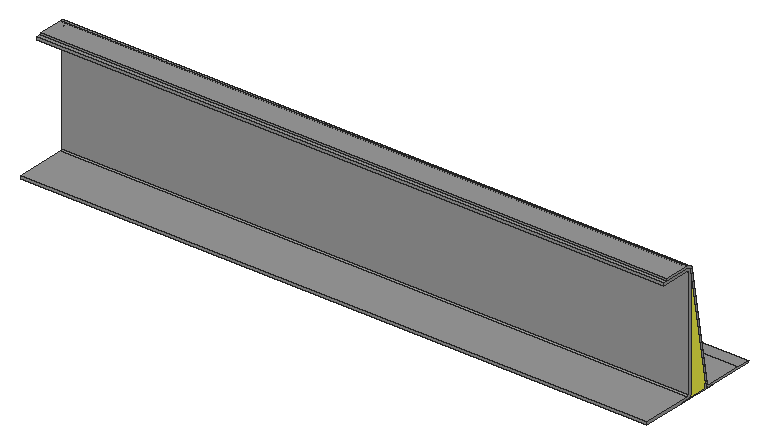
Revit family "XCFS K 50", category Generic Models, Revit 2014
Parameters (values of type "Max lintel length 4800mm")
  URL = "http://www.keystonelintels.co.uk"
  Structural Opening [instance] = 900 mm
  Structural Performance = "The Keystone lintel range has safe working loads as detailed in each applicable loading table in the Keystone Lintel Guide brochure. The structural performance figures within each table have been ascertained by testing in accordance with the requirements of standards BS EN 5977-2: 1983 and BS EN 845-2: 2003."
  RIBA Productor Selector = "available for Keystone Lintels Ltd from Keystone Lintels Ltd from ribaproductselector.com"
  Model = "XCFS/K 50"
  Min Length = 600 mm
  Min Clear Span = 300 mm
  Max Length = 4800 mm
  Max Clear Span = 4800 mm
  Material - Stainless Steel = "Grade 304 2b 1.4307 to BS EN 10088-2. Other grades available on request: contact manufacturer."
  Material - Galvanised Steel = "To BS EN 10346: 2009. DX51D plus Z600 or grade Z275 to BS 5977-2: 1983 (BS EN 845-2: 2003)."
  Manufacturer = "Keystone"
  Manufactured Length [instance] = (roundup(Effective Length / 150 mm) * 150 mm)  # 1200 mm
  Lintel height [instance] = 2100 mm
  Keynote = "F30/755"
  Fire Performance = "Keystone lintels have been subjected to a fire test (WARRES No. 101263) in accordance with BS 476-20: 1987, at Exova Warrington Fire and achieved a one hour fire performance."
  End Bearing = 150 mm
  Effective Length [instance] = Clear Opening with MIN MAX set + End Bearing * 2  # 1200 mm
  Corrosion = "Keystone’s standard range of lintels are manufactured from high quality grade pre-galvanized carbon steel with a zinc coating of 600"
  Contact Tel = "+44 (0)28 8676 2184"
  Contact Email = "info@keystonelintels.co.uk"
  Clear Opening with MIN MAX set [instance] = if(Structural Opening < Min Clear Span, Min Clear Span, (if(Structural Opening > Max Clear Span, Max Clear Span, Structural Opening)))  # 900 mm
  CPD Information = "Available for Keystone Lintels Ltd from ribacpd.com"
Reference planes
  plane 1 "Center (Front/Back)": y = 0
  plane 2: z = 0
  plane 3 "Center (Left/Right)": x = 0
  plane 4: x = -600
  plane 5: x = 600
  plane 6: z = 2100
  plane 7: x = -450
  plane 8: x = 450
Forms (mm)
  Extrusion 1, solid, material "Steel"
    sketch origin (0, 715.437, -496.241) x (0, 1, 0) y (0, 0, 1)
      loop
        line (-620.524, 2596.241) -> (-595.58, 2595.368) -> (-595.468, 2598.566) -> (-620.468, 2599.441) -> (-689.32, 2599.441)
        arc (-689.32, 2599.441) -> (-692.688, 2600.68) -> (-694.452, 2603.805) r 5.2
        line (-694.452, 2603.805) -> (-730.013, 2815.976)
        arc (-730.013, 2815.976) -> (-733.789, 2822.614) -> (-740.96, 2825.241) r 11.1
        line (-740.96, 2825.241) -> (-790.504, 2825.241) -> (-790.504, 2822.041) -> (-740.96, 2822.041)
        arc (-740.96, 2822.041) -> (-735.857, 2820.171) -> (-733.169, 2815.447) r 7.9
        line (-733.169, 2815.447) -> (-697.706, 2603.876)
        arc (-697.706, 2603.876) -> (-695.302, 2598.462) -> (-689.81, 2596.241) r 7.9
        line (-689.81, 2596.241) -> (-620.524, 2596.241)
    from -600 to 600
  Extrusion 2, solid, material "Steel"
    sketch origin (0, 715.437, -496.241) x (0, 1, 0) y (0, 0, 1)
      loop
        line (-838.504, 2596.241) -> (-741.404, 2596.241)
        arc (-741.404, 2596.241) -> (-735.818, 2598.555) -> (-733.504, 2604.141) r 7.9
        line (-733.504, 2604.141) -> (-733.504, 2814.141)
        arc (-733.504, 2814.141) -> (-735.818, 2819.727) -> (-741.404, 2822.041) r 7.9
        line (-741.404, 2822.041) -> (-798.504, 2822.041) -> (-798.504, 2817.041) -> (-741.404, 2817.041)
        arc (-741.404, 2817.041) -> (-739.353, 2816.192) -> (-738.504, 2814.141) r 2.9
        line (-738.504, 2814.141) -> (-738.504, 2604.141)
        arc (-738.504, 2604.141) -> (-739.353, 2602.09) -> (-741.404, 2601.241) r 2.9
        line (-741.404, 2601.241) -> (-838.504, 2601.241) -> (-838.504, 2596.241)
    from -600 to 600
  Extrusion 3, solid, material "Steel"
    sketch origin (0, 715.437, -496.241) x (0, 1, 0) y (0, 0, 1)
      loop
        line (-756.104, 2595.241) -> (-681.104, 2595.241) -> (-681.104, 2596.241) -> (-698.104, 2596.241) -> (-698.104, 2604.241) -> (-699.104, 2604.241) -> (-699.104, 2596.241) -> (-756.104, 2596.241) -> (-756.104, 2595.241)
    from -600 to 600
  Extrusion 4, solid, material "Insulation"
    sketch origin (0, 715.437, -496.241) x (0, 1, 0) y (0, 0, 1)
      loop
        arc (-689.81, 2596.241) -> (-695.302, 2598.462) -> (-697.706, 2603.876) r 7.9
        line (-697.706, 2603.876) -> (-733.169, 2815.447)
        arc (-733.169, 2815.447) -> (-735.942, 2820.242) -> (-741.182, 2822.038) r 7.9
        arc (-741.182, 2822.038) -> (-735.74, 2819.648) -> (-733.504, 2814.141) r 7.9
        line (-733.504, 2814.141) -> (-733.504, 2604.141)
        arc (-733.504, 2604.141) -> (-735.818, 2598.555) -> (-741.404, 2596.241) r 7.9
        line (-741.404, 2596.241) -> (-699.104, 2596.241) -> (-699.104, 2604.241) -> (-698.104, 2604.241) -> (-698.104, 2596.241) -> (-689.81, 2596.241)
    from -600 to 600
  Extrusion 5, solid, not visible
    sketch origin (0, 926.491, 1179.411) x (0, 1, 0) y (0, 0, 1)
      loop
        line (-620.524, 996.241) -> (-595.58, 995.368) -> (-595.468, 998.566) -> (-620.468, 999.441) -> (-689.32, 999.441)
        arc (-689.32, 999.441) -> (-692.688, 1000.68) -> (-694.452, 1003.805) r 5.2
        line (-694.452, 1003.805) -> (-730.013, 1215.976)
        arc (-730.013, 1215.976) -> (-733.789, 1222.614) -> (-740.96, 1225.241) r 11.1
        line (-740.96, 1225.241) -> (-790.504, 1225.241) -> (-790.504, 1222.041) -> (-740.96, 1222.041)
        arc (-740.96, 1222.041) -> (-735.857, 1220.171) -> (-733.169, 1215.447) r 7.9
        line (-733.169, 1215.447) -> (-697.706, 1003.876)
        arc (-697.706, 1003.876) -> (-695.302, 998.462) -> (-689.81, 996.241) r 7.9
        line (-689.81, 996.241) -> (-620.524, 996.241)
    from 0 to 250
  Extrusion 6, solid, not visible
    sketch origin (0, 527.304, 1235.528) x (0, 1, 0) y (0, 0, 1)
      loop
        line (-838.504, 996.241) -> (-741.404, 996.241)
        arc (-741.404, 996.241) -> (-735.818, 998.555) -> (-733.504, 1004.141) r 7.9
        line (-733.504, 1004.141) -> (-733.504, 1214.141)
        arc (-733.504, 1214.141) -> (-735.818, 1219.727) -> (-741.404, 1222.041) r 7.9
        line (-741.404, 1222.041) -> (-798.504, 1222.041) -> (-798.504, 1217.041) -> (-741.404, 1217.041)
        arc (-741.404, 1217.041) -> (-739.353, 1216.192) -> (-738.504, 1214.141) r 2.9
        line (-738.504, 1214.141) -> (-738.504, 1004.141)
        arc (-738.504, 1004.141) -> (-739.353, 1002.09) -> (-741.404, 1001.241) r 2.9
        line (-741.404, 1001.241) -> (-838.504, 1001.241) -> (-838.504, 996.241)
    from 0 to 250
  Extrusion 7, solid, not visible
    sketch origin (0, 841.858, 1026.028) x (0, 1, 0) y (0, 0, 1)
      loop
        line (-756.104, 995.241) -> (-681.104, 995.241) -> (-681.104, 996.241) -> (-698.104, 996.241) -> (-698.104, 1004.241) -> (-699.104, 1004.241) -> (-699.104, 996.241) -> (-756.104, 996.241) -> (-756.104, 995.241)
    from 0 to 250
  Extrusion 8, solid, not visible
    sketch origin (0, 554.925, 803.543) x (0, 1, 0) y (0, 0, 1)
      loop
        arc (-689.81, 996.241) -> (-695.302, 998.462) -> (-697.706, 1003.876) r 7.9
        line (-697.706, 1003.876) -> (-733.169, 1215.447)
        arc (-733.169, 1215.447) -> (-735.942, 1220.242) -> (-741.182, 1222.038) r 7.9
        arc (-741.182, 1222.038) -> (-735.74, 1219.648) -> (-733.504, 1214.141) r 7.9
        line (-733.504, 1214.141) -> (-733.504, 1004.141)
        arc (-733.504, 1004.141) -> (-735.818, 998.555) -> (-741.404, 996.241) r 7.9
        line (-741.404, 996.241) -> (-699.104, 996.241) -> (-699.104, 1004.241) -> (-698.104, 1004.241) -> (-698.104, 996.241) -> (-689.81, 996.241)
    from 0 to 250
Dimensions and locks
  equal spacing: plane 4, plane 3 "Center (Left/Right)", plane 5
  "Manufactured Length": plane 4 to plane 5
  "Lintel height": plane 6 to level
  "Structural Opening": plane 7 to plane 8
  equal spacing: plane 7, plane 3 "Center (Left/Right)", plane 8
  aligned and locked: level to plane 2
  aligned and locked: Extrusion 1 to plane 6
  aligned and locked: Extrusion 4 to plane 6
  aligned and locked: plane 6 to Extrusion 3
  aligned and locked: Extrusion 2 to plane 6
  aligned and locked: plane 5 to Extrusion 2
  aligned and locked: Extrusion 2 to plane 4
  aligned and locked: plane 5 to Extrusion 1
  aligned and locked: Extrusion 1 to plane 4
  aligned and locked: plane 5 to Extrusion 4
  aligned and locked: Extrusion 4 to plane 4
  aligned and locked: plane 5 to Extrusion 3
  aligned and locked: Extrusion 3 to plane 4
Automatic sketch dimensions
  Extrusion 1 sketch curve to Extrusion 1 sketch curve = 69.286 mm
  Extrusion 1 sketch curve to Extrusion 1 sketch curve = 24.944 mm
  Extrusion 1 sketch curve to Extrusion 1 sketch curve = 0.873 mm
  Extrusion 1 sketch curve to Extrusion 1 sketch curve = 0.112 mm
  Extrusion 1 sketch curve to Extrusion 1 sketch curve = 0.056 mm
  Extrusion 1 sketch curve to Extrusion 1 sketch curve = 0.49 mm
  Extrusion 1 sketch curve to Extrusion 1 sketch curve = 4.7 mm
  Extrusion 1 sketch curve to Extrusion 1 sketch curve = 7.896 mm
  Extrusion 1 sketch curve to Extrusion 1 sketch curve = 0.5 mm
  Extrusion 1 sketch curve to Extrusion 1 sketch curve = 3.254 mm
  Extrusion 1 sketch curve to Extrusion 1 sketch curve = 32.307 mm
  Extrusion 1 sketch curve to Extrusion 1 sketch curve = 212.1 mm
  Extrusion 1 sketch curve to Extrusion 1 sketch curve = 3.156 mm
  Extrusion 1 sketch curve to Extrusion 1 sketch curve = 0.529 mm
  Extrusion 1 sketch curve to Extrusion 1 sketch curve = 7.791 mm
  Extrusion 1 sketch curve to Extrusion 1 sketch curve = 1.306 mm
  Extrusion 1 sketch curve to Extrusion 1 sketch curve = 0 mm  (x2)
  Extrusion 1 sketch curve to Extrusion 1 sketch curve = 49.544 mm
  Extrusion 2 sketch curve to Extrusion 2 sketch curve = 97.1 mm
  Extrusion 2 sketch curve to Extrusion 2 sketch curve = 5 mm
  Extrusion 2 sketch curve to Extrusion 2 sketch curve = 2.9 mm  (x2)
  Extrusion 2 sketch curve to Extrusion 2 sketch curve = 0 mm  (x8)
  Extrusion 2 sketch curve to Extrusion 2 sketch curve = 210 mm
  Extrusion 2 sketch curve to Extrusion 2 sketch curve = 57.1 mm
  Extrusion 3 sketch curve to Extrusion 3 sketch curve = 1 mm  (x2)
  Extrusion 3 sketch curve to Extrusion 3 sketch curve = 17 mm
  Extrusion 3 sketch curve to Extrusion 3 sketch curve = 58 mm
  Extrusion 3 sketch curve to Extrusion 3 sketch curve = 8 mm
  Extrusion 3 sketch curve to Extrusion 3 sketch curve = 0 mm
  Extrusion 4 sketch curve to Extrusion 4 sketch curve = 8.294 mm  (x2)
  Extrusion 4 sketch curve to Extrusion 4 sketch curve = 8 mm
  Extrusion 4 sketch curve to Extrusion 4 sketch curve = 1 mm
  Extrusion 4 sketch curve to Extrusion 4 sketch curve = 0 mm  (x3)
  Extrusion 4 sketch curve to Extrusion 4 sketch curve = 7.9 mm  (x4)
  Extrusion 4 sketch curve to Extrusion 4 sketch curve = 0.398 mm
  Extrusion 4 sketch curve to Extrusion 4 sketch curve = 34.065 mm
  Extrusion 4 sketch curve to Extrusion 4 sketch curve = 211.206 mm
  Extrusion 4 sketch curve to Extrusion 4 sketch curve = 1.306 mm
  Extrusion 4 sketch curve to Extrusion 4 sketch curve = 0.444 mm
  Extrusion 4 sketch curve to Extrusion 4 sketch curve = 0.365 mm
  Extrusion 4 sketch curve to Extrusion 4 sketch curve = 0.222 mm
  Extrusion 5 sketch curve to Extrusion 5 sketch curve = 69.286 mm
  Extrusion 5 sketch curve to Extrusion 5 sketch curve = 24.944 mm
  Extrusion 5 sketch curve to Extrusion 5 sketch curve = 0.873 mm
  Extrusion 5 sketch curve to Extrusion 5 sketch curve = 0.112 mm
  Extrusion 5 sketch curve to Extrusion 5 sketch curve = 0.056 mm
  Extrusion 5 sketch curve to Extrusion 5 sketch curve = 0.49 mm
  Extrusion 5 sketch curve to Extrusion 5 sketch curve = 4.7 mm
  Extrusion 5 sketch curve to Extrusion 5 sketch curve = 7.896 mm
  Extrusion 5 sketch curve to Extrusion 5 sketch curve = 0.5 mm
  Extrusion 5 sketch curve to Extrusion 5 sketch curve = 3.254 mm
  Extrusion 5 sketch curve to Extrusion 5 sketch curve = 32.307 mm
  Extrusion 5 sketch curve to Extrusion 5 sketch curve = 212.1 mm
  Extrusion 5 sketch curve to Extrusion 5 sketch curve = 3.156 mm
  Extrusion 5 sketch curve to Extrusion 5 sketch curve = 0.529 mm
  Extrusion 5 sketch curve to Extrusion 5 sketch curve = 7.791 mm
  Extrusion 5 sketch curve to Extrusion 5 sketch curve = 1.306 mm
  Extrusion 5 sketch curve to Extrusion 5 sketch curve = 0 mm  (x2)
  Extrusion 5 sketch curve to Extrusion 5 sketch curve = 49.544 mm
  Extrusion 6 sketch curve to Extrusion 6 sketch curve = 97.1 mm
  Extrusion 6 sketch curve to Extrusion 6 sketch curve = 5 mm
  Extrusion 6 sketch curve to Extrusion 6 sketch curve = 2.9 mm  (x2)
  Extrusion 6 sketch curve to Extrusion 6 sketch curve = 0 mm  (x8)
  Extrusion 6 sketch curve to Extrusion 6 sketch curve = 210 mm
  Extrusion 6 sketch curve to Extrusion 6 sketch curve = 57.1 mm
  Extrusion 7 sketch curve to Extrusion 7 sketch curve = 1 mm  (x2)
  Extrusion 7 sketch curve to Extrusion 7 sketch curve = 17 mm
  Extrusion 7 sketch curve to Extrusion 7 sketch curve = 58 mm
  Extrusion 7 sketch curve to Extrusion 7 sketch curve = 8 mm
  Extrusion 7 sketch curve to Extrusion 7 sketch curve = 0 mm
  Extrusion 8 sketch curve to Extrusion 8 sketch curve = 8.294 mm  (x2)
  Extrusion 8 sketch curve to Extrusion 8 sketch curve = 8 mm
  Extrusion 8 sketch curve to Extrusion 8 sketch curve = 1 mm
  Extrusion 8 sketch curve to Extrusion 8 sketch curve = 0 mm  (x3)
  Extrusion 8 sketch curve to Extrusion 8 sketch curve = 7.9 mm  (x4)
  Extrusion 8 sketch curve to Extrusion 8 sketch curve = 0.398 mm
  Extrusion 8 sketch curve to Extrusion 8 sketch curve = 34.065 mm
  Extrusion 8 sketch curve to Extrusion 8 sketch curve = 211.206 mm
  Extrusion 8 sketch curve to Extrusion 8 sketch curve = 1.306 mm
  Extrusion 8 sketch curve to Extrusion 8 sketch curve = 0.444 mm
  Extrusion 8 sketch curve to Extrusion 8 sketch curve = 0.365 mm
  Extrusion 8 sketch curve to Extrusion 8 sketch curve = 0.222 mm
  Extrusion 1 sketch curve to plane 6 = 0 mm
  plane 1 "Center (Front/Back)" to Extrusion 1 sketch curve = 75.067 mm
  Extrusion 2 sketch curve to plane 6 = 0 mm
  plane 1 "Center (Front/Back)" to Extrusion 2 sketch curve = 123.067 mm
  Extrusion 4 sketch curve to plane 6 = 0 mm
  plane 1 "Center (Front/Back)" to Extrusion 4 sketch curve = 25.967 mm
  Extrusion 3 sketch curve to plane 6 = 0 mm
  plane 1 "Center (Front/Back)" to Extrusion 3 sketch curve = 40.667 mm
